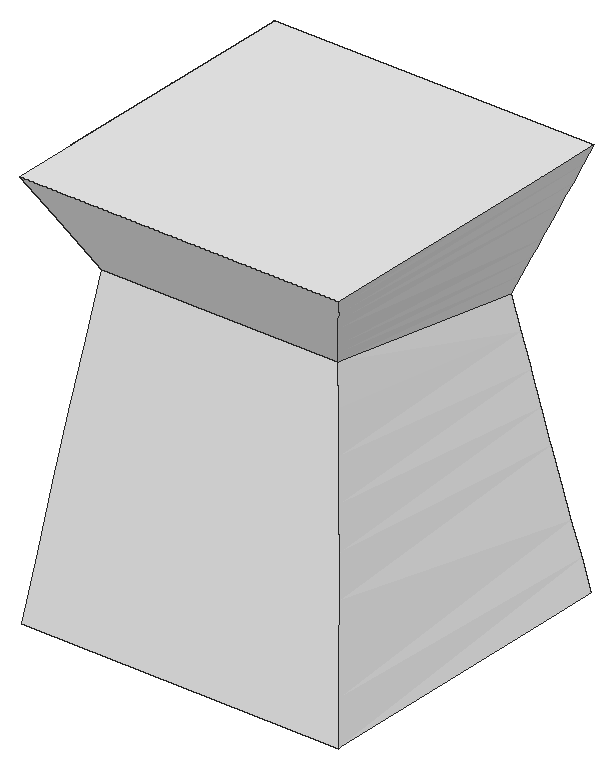
Revit family
Parameters
  Width = 1' - 2"  # constant formula
  URL = "http://elanbydecca.com/"
  Base [instance] = Furniture - DECCA (Elan) - Vertex - Base
  Product URL = "http://elanbydecca.com/PDFs/elan_tearsheet-vertex.pdf"
  Model = "VT ST105V"
  Manufacturer = "Decca Contract"
  Height = 1' - 6"  # constant formula
  Description = "Vertex, Side Table"
  Depth = 1' - 2"  # constant formula
  Assembly Description = "Furniture & Accessories"
  Assembly Code = "E2020200"
Reference planes (in)
  plane 1 "Center Front/Back": y = -0.7524
  plane 2: z = 0
  plane 3 "Center Left/Right": x = 0
  plane 4 "L": x = -7
  plane 5 "R": x = 7
  plane 6 "F": y = -7.7524
  plane 7: y = 6.2476
  plane 8: through (-6.25338, 2.33237, 23.38953) normal (0.4297, -0.4297, 0.7941)
  plane 9: z = 18
  plane 10: z = 17.625
  plane 11: y = 7.2476
  plane 12: y = -8.7524
  plane 13: through (0, 4.67457, 5.97753) normal (0, -0.1896, 0.9819)
  plane 14: z = 3.38545
  plane 15: z = 6.47425
  plane 16: z = 9
Forms (in)
  Extrusion 1, solid, material "Furniture - DECCA (Elan) - Vertex - Base" <- "Base"
    sketch origin (0, 0, 8.32075) x (0, -1, 0) y (1, 0, 0)
      loop
        line (-6.2476, -7) -> (7.7524, -7) -> (7.7524, 7) -> (-6.2476, 7) -> (-6.2476, -7)
    from -8.32075 to 9.67925
  Extrusion 2, void
    sketch origin (0, 0, 18) x (0, 1, 0) y (0, 0, 1)
      loop
        line (6.2476, 0) -> (4.67457, -5.97753) -> (6.2476, -17.971) -> (6.37335, -17.971) -> (6.37335, 0) -> (6.2476, 0)
      loop
        line (-7.7524, -17.971) -> (-5.51083, -4.01124) -> (-7.7524, 0) -> (-8.2524, 0) -> (-8.2524, -17.971) -> (-7.7524, -17.971)
    from -8.86542 to 9.00469
  Blend 3, void
    base sketch origin (0, -16.42176, 18) x (1, 0, 0) y (0, 0, -1)
      loop
        line (-4.48315, 6.47425) -> (-7, 17.971) -> (-7.33143, 17.971) -> (-7.33143, 0) -> (-7, 0) -> (-4.48315, 6.47425)
    top sketch origin (0, -16.42176, 18) x (1, 0, 0) y (0, 0, -1)
      loop
        line (-5.35645, 3.38545) -> (-7, 17.971) -> (-7.26092, 17.971) -> (-7.26092, 0) -> (-7, 0) -> (-5.35645, 3.38545)
    from 23.66936 to 7.66936
  Blend 4, void
    base sketch origin (0, -16.42176, 18) x (-1, 0, 0) y (0, 0, 1)
      loop
        line (-4.48315, -6.47425) -> (-7, 0) -> (-7.33143, 0) -> (-7.33143, -17.971) -> (-7, -17.971) -> (-4.48315, -6.47425)
    top sketch origin (0, -16.42176, 18) x (-1, 0, 0) y (0, 0, 1)
      loop
        line (-5.35645, -3.38545) -> (-7, 0) -> (-7.26092, 0) -> (-7.26092, -17.971) -> (-7, -17.971) -> (-5.35645, -3.38545)
    from 23.66936 to 7.66936
  Extrusion 5, void
    sketch origin (0, 0, 0) x (0, 1, 0) y (0, 0, 1)
      loop
        line (7.2476, 0) -> (7.2476, 0.375) -> (-8.7524, 0.375) -> (-8.7524, 0) -> (7.2476, 0)
    from -9.34626 to 12
Cuts and joins
  Extrusion 2, Blend 3, Blend 4, Extrusion 5 cuts Extrusion 1
Dimensions and locks (in)
  equal spacing: plane 4 "L", plane 3 "Center Left/Right", plane 5 "R"
  equal spacing: plane 7, plane 1 "Center Front/Back", plane 6 "F"
  "Width": plane 4 "L" to plane 5 "R"
  "Depth": plane 7 to plane 6 "F"
  "Height": plane 9 to level
  locked: plane 9 to plane 10 at 0.375
  aligned and locked: plane 4 "L" to Extrusion 1 sketch curve
  aligned and locked: plane 7 to Extrusion 1 sketch curve
  aligned and locked: plane 6 "F" to Extrusion 1 sketch curve
  aligned and locked: Extrusion 1 sketch curve to plane 5 "R"
  aligned and locked: Extrusion 1 to level
  aligned and locked: plane 9 to Extrusion 1
Automatic sketch dimensions
  Extrusion 2 sketch curve to plane 9 = 0' - 0"  (x2)
  Extrusion 2 sketch curve to plane 6 "F" = 0' - 0"  (x2)
  Extrusion 2 sketch curve to plane 7 = 0' - 0"
  level to Extrusion 2 sketch curve = 0' - 0.029"  (x2)
  Extrusion 2 sketch curve to plane 6 "F" = 0' - 0 1/2"
  plane 6 "F" to Extrusion 2 sketch curve = 0' - 2.24157"
  Extrusion 2 sketch curve to plane 7 = 0' - 1.57303"
  plane 7 to Extrusion 2 sketch curve = 0' - 0"
  Extrusion 2 sketch curve to Extrusion 2 sketch curve = 0' - 0.12575"
  plane 16 to Extrusion 2 sketch curve = 0' - 3.02247"
  Extrusion 2 sketch curve to plane 10 = 0' - 3.63624"
  Blend 3 sketch curve to plane 9 = 0' - 0"  (x2)
  Blend 3 sketch curve to plane 4 "L" = 0' - 0"  (x3)
  Blend 3 sketch curve to Blend 3 sketch curve = 0' - 0.33143"
  plane 4 "L" to Blend 3 sketch curve = 0' - 0"
  plane 4 "L" to Blend 3 sketch curve = 0' - 2.51685"
  plane 16 to Blend 3 sketch curve = 0' - 2.52575"
  level to Blend 3 sketch curve = 0' - 0.029"  (x2)
  Blend 3 sketch curve to Blend 3 sketch curve = 0' - 0.26092"
  plane 4 "L" to Blend 3 sketch curve = 0' - 1.64355"
  Blend 3 sketch curve to plane 10 = 0' - 3.01045"
  Blend 4 sketch curve to plane 9 = 0' - 0"  (x2)
  plane 5 "R" to Blend 4 sketch curve = 0' - 0"  (x4)
  Blend 4 sketch curve to Blend 4 sketch curve = 0' - 0.33143"
  plane 5 "R" to Blend 4 sketch curve = 0' - 2.51685"
  plane 16 to Blend 4 sketch curve = 0' - 2.52575"
  level to Blend 4 sketch curve = 0' - 0.029"  (x2)
  Blend 4 sketch curve to Blend 4 sketch curve = 0' - 0.26092"
  plane 5 "R" to Blend 4 sketch curve = 0' - 1.64355"
  Blend 4 sketch curve to plane 10 = 0' - 3.01045"
  Extrusion 5 sketch curve to level = 0' - 0"
  Extrusion 5 sketch curve to plane 12 = 0' - 0"
  Extrusion 5 sketch curve to plane 11 = 0' - 0"
  Extrusion 5 sketch curve to Extrusion 5 sketch curve = 0' - 0 3/8"
